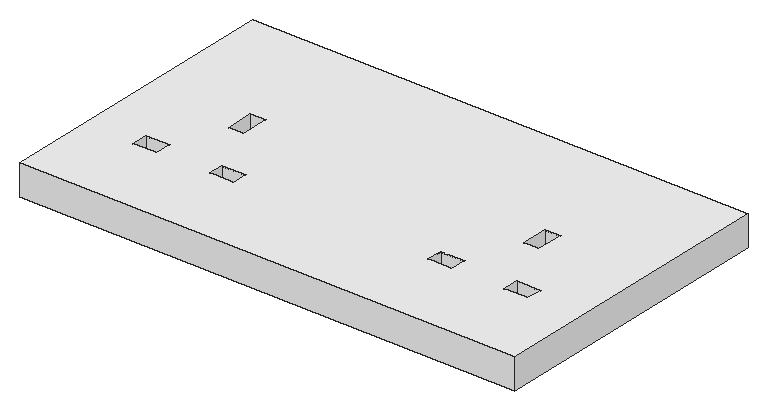
Revit family "Socket Outlet_Twin_Soffit Mounted", category Electrical Fixtures, Revit 2014
Parameters (values of type "Switched")
  Symbol_Offset_Maximum [instance] = 2500 mm  # constant formula
  Symbol_Offset_From Wall [instance] = 0 mm
  Symbol_Offset_Calculated [instance] = Symbol_Offset_Maximum - Symbol_Offset_Along Wall  # 2500 mm
  Symbol_Offset_Along Wall [instance] = 0 mm
  Symbol_Surface_Required [instance] = General_Mounting_Surface  # no
  Symbol_Recessed_Required [instance] = not(General_Mounting_Surface)  # yes
  Material = Electrical Fixture Faceplate
  Load Classification = Power
  Identity_Reference [instance] = ""
  Identity_NRM1_Description = "Power Installation"
  Identity_NRM1_Code = "5.8.2.1"
  Identity_Level [instance] = ""
  Identity_Copyright = "Arup"  # constant formula
  Identity_Category = "PO"
  General_Weatherproof = no
  General_Mounting_Surface [instance] = no
  General_Location_Above Ceiling [instance] = yes
  General_Associated Equipment [instance] = ""
  Electrical_Voltage = 230 V
  Electrical_Power_Apparent = 0 VA
  Electrical_Power Factor = 1
  Electrical_Number of Poles = 1
  Dimensions_Width = 146 mm
  Dimensions_Height_Mounting [instance] = 2000 mm
  Dimensions_Height = 86 mm
  Dimensions_Depth_Recessed Backbox [instance] = if(General_Mounting_Surface, 45 mm, 0 mm)  # 0 mm
  Dimensions_Depth_Faceplate = 9 mm
  Dimensions_Depth [instance] = Dimensions_Depth_Faceplate + Dimensions_Depth_Recessed Backbox  # 9 mm
  Description = "Twin Switched Socket Outlet"
  Control_Switch_Required = yes
  Component_Outlet_Power_Quantity = 2  # constant formula
  COBie.Type.NominalWidth [instance] = 9 mm
  COBie.Type.NominalLength [instance] = 146 mm
  COBie.Type.NominalHeight [instance] = 86 mm
  COBie.Type.Category = "L7471 : Terminal Devices - Socket Outlets"
Types (4, lengths in mm): name | General_Weatherproof | Dimensions_Height_Mounting | Description | Control_Switch_Required
  Switched | no | 2000 | "Twin Switched Socket Outlet" | yes
  Switched Weatherproof | yes | 400 | "Twin Switched Socket Outlet - Weatherproof" | yes
  Unswitched | no | 400 | "Twin Unswitched Socket Outlet" | no
  Unswitched Weatherproof | yes | 400 | "Twin Unswitched Socket Outlet - Weatherproof" | no
Reference planes
  plane 1 "Center (Front/Back)": y = 0
  plane 2: z = 0
  plane 3 "Center (Left/Right)": x = 0
  plane 4 "Symbol Offset Along Wall": x = 0
  plane 5: x = 2500
  plane 6 "Symbol Offset From Wall": y = 0
  plane 7 "Mounting Height": z = 2000
Dimensions and locks
  "Symbol_Offset_Maximum": plane 3 "Center (Left/Right)" to plane 5
  "Symbol_Offset_Calculated": plane 4 "Symbol Offset Along Wall" to plane 5
  "Symbol_Offset_From Wall": plane 6 "Symbol Offset From Wall" to plane 1 "Center (Front/Back)"
  "Dimensions_Height_Mounting": plane 7 "Mounting Height" to level
  "COBie.Type.NominalWidth": nested 1 to nested 1
  "COBie.Type.NominalLength": nested 1 to nested 1
  "COBie.Type.NominalHeight": nested 1 to nested 1
  aligned and locked: level to plane 2
  aligned and locked: nested 1 to plane 3 "Center (Left/Right)"
  aligned and locked: plane 1 "Center (Front/Back)" to nested 1
  aligned and locked: nested 2 to plane 6 "Symbol Offset From Wall"
  aligned and locked: plane 4 "Symbol Offset Along Wall" to nested 2
  aligned and locked: nested 3 to plane 6 "Symbol Offset From Wall"
  aligned and locked: plane 4 "Symbol Offset Along Wall" to nested 3
Nested families
  nested 1: "Twin Switched Outlet Geometry" at (0, 0, 2000) x (-1, 0, 0) z (0, 0, -1), type "Twin Switched Outlet Geometry", detail levels fine
    with Face Depth 9 mm
  nested 2: "Socket Outlet_Twin_Soffit_Surface_Symbol" at (0, 0, 0), visible <- "Symbol_Surface_Required", type "Socket Outlet_Twin_Soffit_Surface_Symbol", detail levels coarse+medium
    with Weatherproof no, WP Box Offset 4.8 mm, Switched yes
  nested 3: "Socket Outlet_Twin_Soffit_Recessed_Symbol" at (0, 0, 0), visible <- "Symbol_Recessed_Required", type "Socket Outlet_Twin_Soffit_Recessed_Symbol", detail levels coarse+medium
    with Weatherproof no, WP Box Offset 4.4 mm, Switched yes
Connectors
  electrical at (0, 0, 2000), driven by "Electrical_Number of Poles", driven by "Load Classification", driven by "Electrical_Voltage", driven by "Electrical_Power_Apparent", driven by "Electrical_Power Factor"
    settings: on nested 1, index 1, voltage 230 V, apparent load 0 VA, apparent load phase1 0 VA, apparent load phase2 0 VA, apparent load phase3 0 VA, power factor 1, load classification "Power", number of poles 1, system type 31, power factor state 1, is connector primary yes, connector utility no, sub classification motor no, connector description "Power"
Definition of nested family "Twin Switched Outlet Geometry"
  Parameters (values of type "Twin Switched Outlet Geometry")
    Switched = yes
    Switch Material = Switch
    Faceplate Material = Socket
    Face Width = 146 mm
    Face Height = 86 mm
    Face Depth = 59 mm
  Reference planes
    plane 1 "Center (Front/Back)": y = 0
    plane 2: z = 0
    plane 3 "Center (Left/Right)": x = 0
    plane 4 "Left Outside": x = -73
    plane 5 "Right Outside": x = 73
    plane 6 "Top Outside": y = 43
    plane 7 "Bottom Outside": y = -43
    plane 8: z = 59
  Forms (mm)
    Extrusion 1, solid, material "Socket" <- "Faceplate Material"
      sketch origin (0, 0, 0) x (1, 0, 0) y (0, 1, 0)
        loop
          line (-73, 43) -> (-73, -43) -> (73, -43) -> (73, 43) -> (-73, 43)
        loop
          line (-41.2, 8) -> (-45.8, 8) -> (-45.8, 0) -> (-41.2, 0) -> (-41.2, 8)
        loop
          line (-51.2, -15) -> (-58.3, -15) -> (-58.3, -19.6) -> (-51.2, -19.6) -> (-51.2, -15)
        loop
          line (-35.8, -15) -> (-35.8, -19.6) -> (-28.7, -19.6) -> (-28.7, -15) -> (-35.8, -15)
        loop
          line (41.2, 8) -> (41.2, 0) -> (45.8, 0) -> (45.8, 8) -> (41.2, 8)
        loop
          line (51.2, -15) -> (51.2, -19.6) -> (58.3, -19.6) -> (58.3, -15) -> (51.2, -15)
        loop
          line (35.8, -15) -> (28.7, -15) -> (28.7, -19.6) -> (35.8, -19.6) -> (35.8, -15)
      from 0 to 59
  Dimensions and locks
    "Face Width": plane 4 "Left Outside" to plane 5 "Right Outside"
    "Face Height": plane 6 "Top Outside" to plane 7 "Bottom Outside"
    equal spacing: plane 4 "Left Outside", plane 3 "Center (Left/Right)", plane 5 "Right Outside"
    equal spacing: plane 6 "Top Outside", plane 1 "Center (Front/Back)", plane 7 "Bottom Outside"
    "Face Depth": plane 8 to plane 2
    aligned and locked: level to plane 2
    aligned and locked: plane 4 "Left Outside" to Extrusion 1 sketch curve
    aligned and locked: Extrusion 1 sketch curve to plane 6 "Top Outside"
    aligned and locked: plane 7 "Bottom Outside" to Extrusion 1 sketch curve
    aligned and locked: Extrusion 1 sketch curve to plane 5 "Right Outside"
    aligned and locked: plane 8 to nested 2
    aligned and locked: nested 1 to plane 8
    aligned and locked: plane 8 to Extrusion 1
  Automatic sketch dimensions
    plane 1 "Center (Front/Back)" to Extrusion 1 sketch curve = 0 mm  (x2)
    plane 4 "Left Outside" to Extrusion 1 sketch curve = 14.7 mm
    Extrusion 1 sketch curve to Extrusion 1 sketch curve = 7.1 mm  (x4)
    Extrusion 1 sketch curve to Extrusion 1 sketch curve = 5.4 mm  (x2)
    Extrusion 1 sketch curve to Extrusion 1 sketch curve = 4.6 mm  (x6)
    Extrusion 1 sketch curve to Extrusion 1 sketch curve = 15.4 mm  (x2)
    plane 3 "Center (Left/Right)" to Extrusion 1 sketch curve = 28.7 mm
    plane 1 "Center (Front/Back)" to Extrusion 1 sketch curve = 19.6 mm  (x4)
    Extrusion 1 sketch curve to Extrusion 1 sketch curve = 8 mm  (x2)
  Nested families
    nested 1: "Switch" at (-8.5, 33, 59), visible <- "Switched", type "Switch"
    nested 2: "Switch" at (8.5, 33, 59) x (-1, 0, 0) z (0, 0, 1), visible <- "Switched", type "Switch"
  Definition of nested family "Switch"
    Parameters (values of type "Switch")
      Material = Switch
    Reference planes
      plane 1 "Center (Front/Back)": y = 0
      plane 2: z = 0
      plane 3 "Center (Left/Right)": x = 0
    Forms (mm)
      Extrusion 1, solid, material "Switch" <- "Material"
        sketch origin (0, 0, 0) x (0, 1, 0) y (0, 0, 1)
          loop
            line (0, 0) -> (-25, 5) -> (-25, 0) -> (0, 0)
        from 6 to -6
    Dimensions and locks
      aligned and locked: level to plane 2
Definition of nested family "Socket Outlet_Twin_Soffit_Surface_Symbol"
  Parameters (values of type "Surface Socket Outlet Ceiling Annotation")
    Weatherproof = yes
    WP Box Offset = if(Weatherproof, 7.3 mm, 4.8 mm)  # 7.3 mm
    Switched = no
    Outlet Count = 2
    Above Ceiling = yes
  Reference planes
    plane 1: y = 0
    plane 2: x = 0
  Lines and regions (mm)
    Filled region 1, type "Filled region White"
      outline origin (0, -2, 0) x (1, 0, 0) y (0, 1, 0)
        loop
          arc (2.5, 0) -> (0, 2.5) -> (-2.5, 0) r 2.5
          line (-2.5, 0) -> (2.5, 0)
    Filled region 2, type "Filled region White"
      outline origin (0, -3, 0) x (1, 0, 0) y (0, 1, 0)
        loop
          line (-2.5, 1) -> (-2.5, -0.5) -> (2.5, -0.5) -> (2.5, 1) -> (-2.5, 1)
    detail lines, style "Power Socket Detail"
      curve 1: line (0, 0.5, 0) -> (0, 3.5, 0)
    detail lines, style "Power Socket Detail", visible <- "Switched"
      curve 2: circle (0, 1, 0) r 0.5 normal (0, 0, 1)
    detail lines, style "Power Socket Main"
      curve 3: line (-2.5, -2, 0) -> (2.5, -2, 0)
      curve 4: arc (2.5, -2, 0) -> (0, 0.5, 0) -> (-2.5, -2, 0) r 2.5
    detail lines, style "Power Socket Detail", visible <- "Above Ceiling"
      curve 5: line (-3.75, 7.3, 0) -> (3.75, 7.3, 0)
      curve 6: line (-3.75, -4.75, 0) -> (-3.75, 7.3, 0)
      curve 7: line (3.75, -4.75, 0) -> (-3.75, -4.75, 0)
      curve 8: line (3.75, 7.3, 0) -> (3.75, -4.75, 0)
  Text (mm)
    label "Label Annotation" at (-0.011, -0.889, 0), shows "Outlet Count"
    text "WP" at (-0.011, 6.627, 0), visible <- "Weatherproof"
  Dimensions and locks
    "WP Box Offset": plane 1 to curve 5
  Automatic sketch dimensions
    Filled region 1 sketch curve to plane 2 = 2.5 mm
    plane 1 to Filled region 1 sketch curve = 2 mm
    Filled region 1 sketch curve to plane 2 = 0 mm
    Filled region 2 sketch curve to plane 2 = 2.5 mm
    plane 1 to Filled region 2 sketch curve = 3.5 mm
    plane 2 to Filled region 2 sketch curve = 2.5 mm
    Filled region 2 sketch curve to Filled region 2 sketch curve = 1.5 mm
    curve 6 to plane 2 = 3.75 mm
    plane 1 to curve 6 = 4.75 mm
    curve 4 to plane 2 = 0 mm
    curve 2 to plane 2 = 0 mm
    curve 1 to plane 2 = 0 mm
    curve 3 to curve 4 = 2.5 mm
    curve 3 to curve 7 = 1.25 mm
    plane 1 to curve 3 = 2 mm
    curve 1 to plane 1 = 0.5 mm
    curve 1 to curve 2 = 0.5 mm
    curve 2 to curve 1 = 2.5 mm
Definition of nested family "Socket Outlet_Twin_Soffit_Recessed_Symbol"
  Parameters (values of type "Recessed Socket Outlet Ceiling Annotation")
    Weatherproof = yes
    WP Box Offset = if(Weatherproof, 6.9 mm, 4.4 mm)  # 6.9 mm
    Switched = no
    Outlet Count = 2
    Above Ceiling = yes
  Reference planes
    plane 1: y = 0
    plane 2: x = 0
  Lines and regions (mm)
    Filled region 1, type "Filled region White"
      outline origin (0, -2.375, 0) x (1, 0, 0) y (0, 1, 0)
        loop
          arc (2.5, 0) -> (0, 2.5) -> (-2.5, 0) r 2.5
          line (-2.5, 0) -> (2.5, 0)
    detail lines, style "Power Socket Detail"
      curve 1: line (0, 0.125, 0) -> (0, 3.125, 0)
    detail lines, style "Power Socket Detail", visible <- "Switched"
      curve 2: circle (0, 0.625, 0) r 0.5 normal (0, 0, 1)
    detail lines, style "Power Socket Main"
      curve 3: line (-2.5, -2.375, 0) -> (2.5, -2.375, 0)
      curve 4: arc (2.5, -2.375, 0) -> (0, 0.125, 0) -> (-2.5, -2.375, 0) r 2.5
    detail lines, style "Power Socket Detail", visible <- "Above Ceiling"
      curve 5: line (-3.75, 6.9, 0) -> (3.75, 6.9, 0)
      curve 6: line (-3.75, -4.375, 0) -> (-3.75, 6.9, 0)
      curve 7: line (3.75, -4.375, 0) -> (-3.75, -4.375, 0)
      curve 8: line (3.75, 6.9, 0) -> (3.75, -4.375, 0)
  Text (mm)
    label "Label Annotation" at (-0.011, -1.264, 0), shows "Outlet Count"
    text "WP" at (-0.011, 6.252, 0), visible <- "Weatherproof"
  Dimensions and locks
    "WP Box Offset": plane 1 to curve 5
  Automatic sketch dimensions
    Filled region 1 sketch curve to plane 2 = 2.5 mm
    plane 1 to Filled region 1 sketch curve = 2.375 mm
    Filled region 1 sketch curve to plane 2 = 0 mm
    curve 6 to plane 2 = 3.75 mm
    plane 1 to curve 6 = 4.375 mm
    curve 4 to plane 2 = 0 mm
    curve 2 to plane 2 = 0 mm
    curve 1 to plane 2 = 0 mm
    curve 6 to curve 3 = 1.25 mm
    curve 3 to curve 7 = 1.25 mm
    curve 7 to curve 3 = 2 mm
    curve 1 to plane 1 = 0.125 mm
    curve 1 to curve 2 = 0.5 mm
    curve 2 to curve 1 = 2.5 mm
